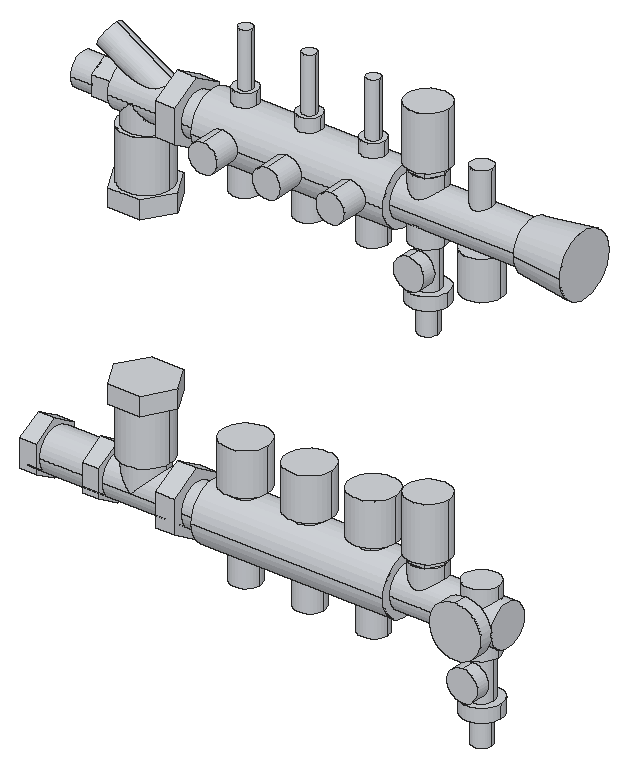
Revit family "318_1dab38ccfa9a4ba2b3cf6a35155c03", category Pipe Accessories, Revit 2017
Family settings
  Round Connector Dimension = Use Diameter
  Part Type = Valve - Normal
  Work Plane-Based = No
  Always vertical = Yes
  Cut with Voids When Loaded = No
  Shared = No
Parameters (values of type "R557FY003")
  magi_piping_qv_2_3 [instance] = 0.0 L/s
  magi_piping_qv_2_2 [instance] = 0.0 L/s
  magi_piping_qv_2_1 [instance] = 0.0 L/s
  magi_piping_qv_1_3 [instance] = 0.0 L/s
  magi_piping_qv_1_2 [instance] = 0.0 L/s
  magi_piping_qv_1_1 [instance] = 0.0 L/s
  magi_piping_qv [instance] = 0.0 L/s
  magi_piping_power_3 [instance] = 0 W
  magi_piping_power_2 [instance] = 0 W
  magi_piping_power_1 [instance] = 0 W
  magi_piping_kv_3 [instance] = 0
  magi_piping_kv_2 [instance] = 0
  magi_piping_kv_1 [instance] = 0
  magi_piping_dpTot_3 [instance] = 0.0 Pa
  magi_piping_dpTot_2 [instance] = 0.0 Pa
  magi_piping_dpTot_1 [instance] = 0.0 Pa
  magi_adjustmentValue_3 [instance] = ""
  magi_adjustmentValue_2 [instance] = ""
  magi_adjustmentValue_1 [instance] = ""
  magiProductId = "1dab38ccfa9a4ba2b3cf6a35155c03"
  magiProductFamilyId = "1dab38ccfa9a4ba2b3cf6a35155c03"
  magiProductCode = "R557FY003"
  magiPartTypeId = 318
  X1 = 127 mm
  VersionID = "2.0/2016.10.37.0/GIACOMINI_R557FY_001"
  VL2__ve = -VL2  # -137 mm
  VL2 = 137 mm
  VL1 = 102 mm
  URL = "http://www.giacomini.com/en"
  SMP = 25 mm
  SBP9 = 18 mm
  SBP8 = 18 mm
  SBP7 = 18 mm
  SBP6 = 18 mm
  SBP5 = 18 mm
  SBP4 = 18 mm
  SBP3 = 18 mm
  SBP2 = 18 mm
  SBP12 = 18 mm
  SBP11 = 18 mm
  SBP10 = 18 mm
  SBP1 = 18 mm
  RMP = 25 mm
  RBP9 = 18 mm
  RBP8 = 18 mm
  RBP7 = 18 mm
  RBP6 = 18 mm
  RBP5 = 18 mm
  RBP4 = 18 mm
  RBP3 = 18 mm
  RBP2 = 18 mm
  RBP12 = 18 mm
  RBP11 = 18 mm
  RBP10 = 18 mm
  RBP1 = 18 mm
  R2 = 22 mm
  QmdConnectorList = "321;SMP;322;SBP1;323;SBP2;324;SBP3;351;RMP;352;RBP1;353;RBP2;354;RBP3"
  Productdata [instance] = "© Progman Oy, all rights reserved"
  N9 = no
  N8 = no
  N7 = no
  N6 = no
  N5 = no
  N4 = no
  N3 = yes
  N12 = no
  N11 = no
  N10 = no
  Manufacturer = "Giacomini"
  MC_Default_elevation = 0 mm
  L = 150 mm
  I = 50 mm
  H5 = 33 mm
  H4 = 5 mm
  H3__ve = -H3  # -40 mm
  H3 = 40 mm
  H2__ve = -H2  # -20 mm
  H2 = 20 mm
  H12 = 42 mm
  H11 = 10 mm
  Flow supply main [instance] = Flow supply 1 + Flow supply 2 + Flow supply 3  # 0.0 L/s
  Flow supply 3 [instance] = 0.0 L/s
  Flow supply 2 [instance] = 0.0 L/s
  Flow supply 1 [instance] = 0.0 L/s
  Flow return main [instance] = Flow return 1 + Flow return 2 + Flow return 3  # 0.0 L/s
  Flow return 3 [instance] = 0.0 L/s
  Flow return 2 [instance] = 0.0 L/s
  Flow return 1 [instance] = 0.0 L/s
  E = 274 mm
  Description = "PREASSEMBLED MANIFOLD WITH FLOW METERS"
  D4 = 22 mm
  D32 = 10 mm
  D31 = 18 mm
  D2 = 44 mm
  CAT0 = yes
Reference planes
  plane 1 "Center (Front/Back)": y = 0
  plane 2 "XYPLANE": z = 0
  plane 3 "Center (Left/Right)": x = 0
  plane 4 "INIT_TEMP": y = 100
  plane 5 "386": y = -16
  plane 6 "385": z = -41
  plane 7 "384": z = -67
  plane 8 "383": z = -57
  plane 9 "382": y = -9
  plane 10 "381": z = -315
  plane 11 "380": z = -341
  plane 12 "379": z = -331
  plane 13 "378": z = -213
  plane 14 "377": z = -253
  plane 15 "376": z = -61
  plane 16 "375": z = -21
  plane 17 "374": x = 49
  plane 18 "373": x = 77
  plane 19 "372": x = 17
  plane 20 "371": x = 32
  plane 21 "370": x = -35
  plane 22 "369": x = 27
  plane 23 "368": x = 89
  plane 24 "367": x = -35
  plane 25 "366": x = 102
  plane 26 "365": z = -314
  plane 27 "364": z = -247
  plane 28 "363": z = -252
  plane 29 "362": z = -40
  plane 30 "361": x = 0
  plane 31 "360": y = 0
  plane 32 "359": z = -274
  plane 33 "358": z = 0
  plane 34 "357": z = 22
  plane 35 "356": x = 127
  plane 36 "355": x = 177
  plane 37 "354": y = -22
  plane 38 "353": x = 227
  plane 39 "352": z = 32
  plane 40 "351": x = 277
  plane 41 "350": x = 327
  plane 42 "349": x = 377
  plane 43 "348": x = 427
  plane 44 "347": x = 477
  plane 45 "346": x = 527
  plane 46 "345": x = 577
  plane 47 "344": x = 627
  plane 48 "343": x = 677
  plane 49 "342": x = 252
  plane 50 "341": x = 352
  plane 51 "340": x = 392
  plane 52 "339": x = 270
  plane 53 "338": z = -25
  plane 54 "337": z = 25
  plane 55 "336": z = 30
  plane 56 "335": z = -249
  plane 57 "334": z = -244
  plane 58 "333": z = -16
  plane 59 "332": x = 312
  plane 60 "331": z = -299
  plane 61 "1099": through (77, -750, 0) normal (0.866, 0, -0.5)
Forms (mm)
  Extrusion 1, solid
    sketch origin (750, -16, 0) x (-1, 0, 0) y (0, 0, 1)
      loop
        circle (438, -274) r 20
    from 0 to -10
  Extrusion 2, solid
    sketch origin (-750, 0, -67) x (1, 0, 0) y (0, 1, 0)
      loop
        circle (1020, 0) r 7.5
    from 0 to -22
  Extrusion 3, solid
    sketch origin (750, -9, 0) x (-1, 0, 0) y (0, 0, 1)
      loop
        circle (480, -41) r 12
    from 0 to -10
  Extrusion 4, solid
    sketch origin (750, -9, 0) x (-1, 0, 0) y (0, 0, 1)
      loop
        circle (438, -315) r 12
    from 0 to -10
  Extrusion 5, solid
    sketch origin (-750, 0, -341) x (1, 0, 0) y (0, 1, 0)
      loop
        circle (1062, 0) r 7.5
    from 0 to -22
  Extrusion 6, solid
    sketch origin (-750, 0, -57) x (1, 0, 0) y (0, 1, 0)
      loop
        circle (1020, 0) r 15
    from 0 to -10
  Extrusion 7, solid
    sketch origin (-750, 0, -331) x (1, 0, 0) y (0, 1, 0)
      loop
        circle (1062, 0) r 15
    from 0 to -10
  Extrusion 8, solid
    sketch origin (-750, 0, -299) x (1, 0, 0) y (0, 1, 0)
      loop
        circle (1062, 0) r 9
    from 0 to -32
  Extrusion 9, solid
    sketch origin (-750, 0, -253) x (1, 0, 0) y (0, 1, 0)
      loop
        circle (799, 0) r 19
    from 0 to 40
  Extrusion 10, solid
    sketch origin (-750, 0, -274) x (1, 0, 0) y (0, 1, 0)
      loop
        circle (799, 0) r 16
    from 0 to 21
  Extrusion 11, solid
    sketch origin (-750, 0, -213) x (1, 0, 0) y (0, 1, 0)
      loop
        line (824, 0) -> (811.5, 21.651) -> (786.5, 21.651) -> (774, 0) -> (786.5, -21.651) -> (811.5, -21.651) -> (824, 0)
    from 0 to 14
  Extrusion 12, solid
    sketch origin (-750, 0, -61) x (1, 0, 0) y (0, 1, 0)
      loop
        line (774, 0) -> (786.5, -21.651) -> (811.5, -21.651) -> (824, 0) -> (811.5, 21.651) -> (786.5, 21.651) -> (774, 0)
    from 0 to -14
  Extrusion 13, solid
    sketch origin (-750, 0, 0) x (1, 0, 0) y (0, 1, 0)
      loop
        circle (799, 0) r 16
    from 0 to -21
  Extrusion 14, solid
    sketch origin (-750, 0, -21) x (1, 0, 0) y (0, 1, 0)
      loop
        circle (799, 0) r 19
    from 0 to -40
  Extrusion 15, solid
    sketch origin (77, -750, 0) x (0, 1, 0) y (0.5, 0, 0.866025)
      loop
        circle (750, 0) r 10.5
    from 0 to -65
  Extrusion 16, solid, visible <- "CAT0"
    sketch origin (17, -750, 0) x (0, 1, 0) y (0, 0, 1)
      loop
        circle (750, 0) r 12.5
    from 0 to -17
  Extrusion 17, solid
    sketch origin (32, -750, 0) x (0, 1, 0) y (0, 0, 1)
      loop
        line (750, 15) -> (737.01, 7.5) -> (737.01, -7.5) -> (750, -15) -> (762.99, -7.5) -> (762.99, 7.5) -> (750, 15)
    from 0 to -15
  Extrusion 18, solid
    sketch origin (-35, -750, 0) x (0, 1, 0) y (0, 0, 1)
      loop
        line (750, -253) -> (731.813, -263.5) -> (731.813, -284.5) -> (750, -295) -> (768.187, -284.5) -> (768.187, -263.5) -> (750, -253)
    from 0 to 13
  Extrusion 19, solid
    sketch origin (27, -750, 0) x (0, 1, 0) y (0, 0, 1)
      loop
        line (750, -253) -> (731.813, -263.5) -> (731.813, -284.5) -> (750, -295) -> (768.187, -284.5) -> (768.187, -263.5) -> (750, -253)
    from 0 to -13
  Extrusion 20, solid
    sketch origin (102, -750, 0) x (0, 1, 0) y (0, 0, 1)
      loop
        circle (750, 0) r 16
    from 0 to -70
  Extrusion 21, solid
    sketch origin (89, -750, 0) x (0, 1, 0) y (0, 0, 1)
      loop
        line (750, 25) -> (728.349, 12.5) -> (728.349, -12.5) -> (750, -25) -> (771.651, -12.5) -> (771.651, 12.5) -> (750, 25)
    from 0 to -15
  Extrusion 22, solid
    sketch origin (89, -750, 0) x (0, 1, 0) y (0, 0, 1)
      loop
        line (750, -249) -> (728.349, -261.5) -> (728.349, -286.5) -> (750, -299) -> (771.651, -286.5) -> (771.651, -261.5) -> (750, -249)
    from 0 to -15
  Extrusion 23, solid
    sketch origin (102, -750, 0) x (0, 1, 0) y (0, 0, 1)
      loop
        circle (750, -274) r 16
    from 0 to -137 <- "VL2__ve"
  Extrusion 24, solid, visible <- "N10"
    sketch origin (-750, 0, -274) x (1, 0, 0) y (0, 1, 0)
      loop
        circle (1327, 0) r 11
    from 0 to -40 <- "H3__ve"
  Extrusion 25, solid, visible <- "N10"
    sketch origin (-750, 0, -252) x (1, 0, 0) y (0, 1, 0)
      loop
        circle (1327, 0) r 11
    from 0 to 5 <- "H4"
  Extrusion 26, solid, visible <- "N10"
    sketch origin (-750, 0, -247) x (1, 0, 0) y (0, 1, 0)
      loop
        circle (1327, 0) r 17.5
    from 0 to 33 <- "H5"
  Extrusion 27, solid, visible <- "N12"
    sketch origin (-750, 0, -247) x (1, 0, 0) y (0, 1, 0)
      loop
        circle (1427, 0) r 17.5
    from 0 to 33 <- "H5"
  Extrusion 28, solid, visible <- "N12"
    sketch origin (-750, 0, -252) x (1, 0, 0) y (0, 1, 0)
      loop
        circle (1427, 0) r 11
    from 0 to 5 <- "H4"
  Extrusion 29, solid, visible <- "N12"
    sketch origin (-750, 0, -274) x (1, 0, 0) y (0, 1, 0)
      loop
        circle (1427, 0) r 11
    from 0 to -40 <- "H3__ve"
  Extrusion 30, solid, visible <- "N11"
    sketch origin (-750, 0, -274) x (1, 0, 0) y (0, 1, 0)
      loop
        circle (1377, 0) r 11
    from 0 to -40 <- "H3__ve"
  Extrusion 31, solid, visible <- "N11"
    sketch origin (-750, 0, -252) x (1, 0, 0) y (0, 1, 0)
      loop
        circle (1377, 0) r 11
    from 0 to 5 <- "H4"
  Extrusion 32, solid, visible <- "N11"
    sketch origin (-750, 0, -247) x (1, 0, 0) y (0, 1, 0)
      loop
        circle (1377, 0) r 17.5
    from 0 to 33 <- "H5"
  Extrusion 33, solid, visible <- "N8"
    sketch origin (-750, 0, -247) x (1, 0, 0) y (0, 1, 0)
      loop
        circle (1227, 0) r 17.5
    from 0 to 33 <- "H5"
  Extrusion 34, solid, visible <- "N8"
    sketch origin (-750, 0, -252) x (1, 0, 0) y (0, 1, 0)
      loop
        circle (1227, 0) r 11
    from 0 to 5 <- "H4"
  Extrusion 35, solid, visible <- "N8"
    sketch origin (-750, 0, -274) x (1, 0, 0) y (0, 1, 0)
      loop
        circle (1227, 0) r 11
    from 0 to -40 <- "H3__ve"
  Extrusion 36, solid, visible <- "N9"
    sketch origin (-750, 0, -274) x (1, 0, 0) y (0, 1, 0)
      loop
        circle (1277, 0) r 11
    from 0 to -40 <- "H3__ve"
  Extrusion 37, solid, visible <- "N9"
    sketch origin (-750, 0, -252) x (1, 0, 0) y (0, 1, 0)
      loop
        circle (1277, 0) r 11
    from 0 to 5 <- "H4"
  Extrusion 38, solid, visible <- "N9"
    sketch origin (-750, 0, -247) x (1, 0, 0) y (0, 1, 0)
      loop
        circle (1277, 0) r 17.5
    from 0 to 33 <- "H5"
  Extrusion 39, solid, visible <- "N7"
    sketch origin (-750, 0, -247) x (1, 0, 0) y (0, 1, 0)
      loop
        circle (1177, 0) r 17.5
    from 0 to 33 <- "H5"
  Extrusion 40, solid, visible <- "N7"
    sketch origin (-750, 0, -252) x (1, 0, 0) y (0, 1, 0)
      loop
        circle (1177, 0) r 11
    from 0 to 5 <- "H4"
  Extrusion 41, solid, visible <- "N7"
    sketch origin (-750, 0, -274) x (1, 0, 0) y (0, 1, 0)
      loop
        circle (1177, 0) r 11
    from 0 to -40 <- "H3__ve"
  Extrusion 42, solid, visible <- "N6"
    sketch origin (-750, 0, -274) x (1, 0, 0) y (0, 1, 0)
      loop
        circle (1127, 0) r 11
    from 0 to -40 <- "H3__ve"
  Extrusion 43, solid, visible <- "N6"
    sketch origin (-750, 0, -252) x (1, 0, 0) y (0, 1, 0)
      loop
        circle (1127, 0) r 11
    from 0 to 5 <- "H4"
  Extrusion 44, solid, visible <- "N6"
    sketch origin (-750, 0, -247) x (1, 0, 0) y (0, 1, 0)
      loop
        circle (1127, 0) r 17.5
    from 0 to 33 <- "H5"
  Extrusion 45, solid, visible <- "N5"
    sketch origin (-750, 0, -247) x (1, 0, 0) y (0, 1, 0)
      loop
        circle (1077, 0) r 17.5
    from 0 to 33 <- "H5"
  Extrusion 46, solid, visible <- "N5"
    sketch origin (-750, 0, -252) x (1, 0, 0) y (0, 1, 0)
      loop
        circle (1077, 0) r 11
    from 0 to 5 <- "H4"
  Extrusion 47, solid, visible <- "N5"
    sketch origin (-750, 0, -274) x (1, 0, 0) y (0, 1, 0)
      loop
        circle (1077, 0) r 11
    from 0 to -40 <- "H3__ve"
  Extrusion 48, solid, visible <- "N4"
    sketch origin (-750, 0, -274) x (1, 0, 0) y (0, 1, 0)
      loop
        circle (1027, 0) r 11
    from 0 to -40 <- "H3__ve"
  Extrusion 49, solid, visible <- "N4"
    sketch origin (-750, 0, -252) x (1, 0, 0) y (0, 1, 0)
      loop
        circle (1027, 0) r 11
    from 0 to 5 <- "H4"
  Extrusion 50, solid, visible <- "N4"
    sketch origin (-750, 0, -247) x (1, 0, 0) y (0, 1, 0)
      loop
        circle (1027, 0) r 17.5
    from 0 to 33 <- "H5"
  Extrusion 51, solid, visible <- "N3"
    sketch origin (-750, 0, -247) x (1, 0, 0) y (0, 1, 0)
      loop
        circle (977, 0) r 17.5
    from 0 to 33 <- "H5"
  Extrusion 52, solid, visible <- "N3"
    sketch origin (-750, 0, -252) x (1, 0, 0) y (0, 1, 0)
      loop
        circle (977, 0) r 11
    from 0 to 5 <- "H4"
  Extrusion 53, solid
    sketch origin (-750, 0, -252) x (1, 0, 0) y (0, 1, 0)
      loop
        circle (927, 0) r 11
    from 0 to 5 <- "H4"
  Extrusion 54, solid
    sketch origin (-750, 0, -247) x (1, 0, 0) y (0, 1, 0)
      loop
        circle (927, 0) r 17.5
    from 0 to 33 <- "H5"
  Extrusion 55, solid
    sketch origin (-750, 0, -247) x (1, 0, 0) y (0, 1, 0)
      loop
        circle (877, 0) r 17.5
    from 0 to 33 <- "H5"
  Extrusion 56, solid
    sketch origin (-750, 0, -252) x (1, 0, 0) y (0, 1, 0)
      loop
        circle (877, 0) r 11
    from 0 to 5 <- "H4"
  Extrusion 57, solid, visible <- "N3"
    sketch origin (-750, 0, -274) x (1, 0, 0) y (0, 1, 0)
      loop
        circle (977, 0) r 11
    from 0 to -40 <- "H3__ve"
  Extrusion 58, solid
    sketch origin (-750, 0, -274) x (1, 0, 0) y (0, 1, 0)
      loop
        circle (877, 0) r 11
    from 0 to -40 <- "H3__ve"
  Extrusion 59, solid
    sketch origin (-750, 0, -274) x (1, 0, 0) y (0, 1, 0)
      loop
        circle (927, 0) r 11
    from 0 to -40 <- "H3__ve"
  Extrusion 60, solid
    sketch origin (102, -750, 0) x (0, 1, 0) y (0, 0, 1)
      loop
        circle (750, -274) r 22
    from 0 to 150 <- "L"
  Extrusion 61, solid, visible <- "N8"
    sketch origin (-750, 0, 0) x (1, 0, 0) y (0, 1, 0)
      loop
        circle (1227, 0) r 11
    from 0 to -40 <- "H3__ve"
  Extrusion 62, solid, visible <- "N9"
    sketch origin (-750, 0, 0) x (1, 0, 0) y (0, 1, 0)
      loop
        circle (1277, 0) r 11
    from 0 to -40 <- "H3__ve"
  Extrusion 63, solid, visible <- "N10"
    sketch origin (-750, 0, 0) x (1, 0, 0) y (0, 1, 0)
      loop
        circle (1327, 0) r 11
    from 0 to -40 <- "H3__ve"
  Extrusion 64, solid, visible <- "N11"
    sketch origin (-750, 0, 0) x (1, 0, 0) y (0, 1, 0)
      loop
        circle (1377, 0) r 11
    from 0 to -40 <- "H3__ve"
  Extrusion 65, solid, visible <- "N12"
    sketch origin (-750, 0, 0) x (1, 0, 0) y (0, 1, 0)
      loop
        circle (1427, 0) r 11
    from 0 to -40 <- "H3__ve"
  Extrusion 66, solid, visible <- "N7"
    sketch origin (-750, 0, 0) x (1, 0, 0) y (0, 1, 0)
      loop
        circle (1177, 0) r 11
    from 0 to -40 <- "H3__ve"
  Extrusion 67, solid, visible <- "N6"
    sketch origin (-750, 0, 0) x (1, 0, 0) y (0, 1, 0)
      loop
        circle (1127, 0) r 11
    from 0 to -40 <- "H3__ve"
  Extrusion 68, solid, visible <- "N5"
    sketch origin (-750, 0, 0) x (1, 0, 0) y (0, 1, 0)
      loop
        circle (1077, 0) r 11
    from 0 to -40 <- "H3__ve"
  Extrusion 69, solid, visible <- "N4"
    sketch origin (-750, 0, 0) x (1, 0, 0) y (0, 1, 0)
      loop
        circle (1027, 0) r 11
    from 0 to -40 <- "H3__ve"
  Extrusion 70, solid, visible <- "N3"
    sketch origin (-750, 0, 0) x (1, 0, 0) y (0, 1, 0)
      loop
        circle (977, 0) r 11
    from 0 to -40 <- "H3__ve"
  Extrusion 71, solid
    sketch origin (-750, 0, 0) x (1, 0, 0) y (0, 1, 0)
      loop
        circle (927, 0) r 11
    from 0 to -40 <- "H3__ve"
  Extrusion 72, solid
    sketch origin (-750, 0, 0) x (1, 0, 0) y (0, 1, 0)
      loop
        circle (877, 0) r 11
    from 0 to -40 <- "H3__ve"
  Extrusion 73, solid
    sketch origin (102, -750, 0) x (0, 1, 0) y (0, 0, 1)
      loop
        circle (750, 0) r 22
    from 0 to 150 <- "L"
  Extrusion 74, solid
    sketch origin (-750, 0, 22) x (1, 0, 0) y (0, 1, 0)
      loop
        circle (877, 0) r 9
    from 0 to 10 <- "H11"
  Extrusion 75, solid
    sketch origin (750, -22, 0) x (-1, 0, 0) y (0, 0, 1)
      loop
        circle (623, 0) r 11
    from 0 to -20 <- "H2__ve"
  Extrusion 76, solid
    sketch origin (750, -22, 0) x (-1, 0, 0) y (0, 0, 1)
      loop
        circle (573, 0) r 11
    from 0 to -20 <- "H2__ve"
  Extrusion 77, solid, visible <- "N3"
    sketch origin (750, -22, 0) x (-1, 0, 0) y (0, 0, 1)
      loop
        circle (523, 0) r 11
    from 0 to -20 <- "H2__ve"
  Extrusion 78, solid
    sketch origin (-750, 0, 32) x (1, 0, 0) y (0, 1, 0)
      loop
        circle (877, 0) r 5
    from 0 to 42 <- "H12"
  Extrusion 79, solid
    sketch origin (-750, 0, 32) x (1, 0, 0) y (0, 1, 0)
      loop
        circle (927, 0) r 5
    from 0 to 42 <- "H12"
  Extrusion 80, solid
    sketch origin (-750, 0, 22) x (1, 0, 0) y (0, 1, 0)
      loop
        circle (927, 0) r 9
    from 0 to 10 <- "H11"
  Extrusion 81, solid, visible <- "N3"
    sketch origin (-750, 0, 22) x (1, 0, 0) y (0, 1, 0)
      loop
        circle (977, 0) r 9
    from 0 to 10 <- "H11"
  Extrusion 82, solid, visible <- "N3"
    sketch origin (-750, 0, 32) x (1, 0, 0) y (0, 1, 0)
      loop
        circle (977, 0) r 5
    from 0 to 42 <- "H12"
  Extrusion 83, solid, visible <- "N4"
    sketch origin (-750, 0, 32) x (1, 0, 0) y (0, 1, 0)
      loop
        circle (1027, 0) r 5
    from 0 to 42 <- "H12"
  Extrusion 84, solid, visible <- "N4"
    sketch origin (-750, 0, 22) x (1, 0, 0) y (0, 1, 0)
      loop
        circle (1027, 0) r 9
    from 0 to 10 <- "H11"
  Extrusion 85, solid, visible <- "N4"
    sketch origin (750, -22, 0) x (-1, 0, 0) y (0, 0, 1)
      loop
        circle (473, 0) r 11
    from 0 to -20 <- "H2__ve"
  Extrusion 86, solid, visible <- "N5"
    sketch origin (750, -22, 0) x (-1, 0, 0) y (0, 0, 1)
      loop
        circle (423, 0) r 11
    from 0 to -20 <- "H2__ve"
  Extrusion 87, solid, visible <- "N5"
    sketch origin (-750, 0, 22) x (1, 0, 0) y (0, 1, 0)
      loop
        circle (1077, 0) r 9
    from 0 to 10 <- "H11"
  Extrusion 88, solid, visible <- "N5"
    sketch origin (-750, 0, 32) x (1, 0, 0) y (0, 1, 0)
      loop
        circle (1077, 0) r 5
    from 0 to 42 <- "H12"
  Extrusion 89, solid, visible <- "N6"
    sketch origin (-750, 0, 32) x (1, 0, 0) y (0, 1, 0)
      loop
        circle (1127, 0) r 5
    from 0 to 42 <- "H12"
  Extrusion 90, solid, visible <- "N6"
    sketch origin (-750, 0, 22) x (1, 0, 0) y (0, 1, 0)
      loop
        circle (1127, 0) r 9
    from 0 to 10 <- "H11"
  Extrusion 91, solid, visible <- "N6"
    sketch origin (750, -22, 0) x (-1, 0, 0) y (0, 0, 1)
      loop
        circle (373, 0) r 11
    from 0 to -20 <- "H2__ve"
  Extrusion 92, solid, visible <- "N7"
    sketch origin (750, -22, 0) x (-1, 0, 0) y (0, 0, 1)
      loop
        circle (323, 0) r 11
    from 0 to -20 <- "H2__ve"
  Extrusion 93, solid, visible <- "N7"
    sketch origin (-750, 0, 22) x (1, 0, 0) y (0, 1, 0)
      loop
        circle (1177, 0) r 9
    from 0 to 10 <- "H11"
  Extrusion 94, solid, visible <- "N7"
    sketch origin (-750, 0, 32) x (1, 0, 0) y (0, 1, 0)
      loop
        circle (1177, 0) r 5
    from 0 to 42 <- "H12"
  Extrusion 95, solid, visible <- "N8"
    sketch origin (-750, 0, 32) x (1, 0, 0) y (0, 1, 0)
      loop
        circle (1227, 0) r 5
    from 0 to 42 <- "H12"
  Extrusion 96, solid, visible <- "N8"
    sketch origin (-750, 0, 22) x (1, 0, 0) y (0, 1, 0)
      loop
        circle (1227, 0) r 9
    from 0 to 10 <- "H11"
  Extrusion 97, solid, visible <- "N8"
    sketch origin (750, -22, 0) x (-1, 0, 0) y (0, 0, 1)
      loop
        circle (273, 0) r 11
    from 0 to -20 <- "H2__ve"
  Extrusion 98, solid, visible <- "N10"
    sketch origin (750, -22, 0) x (-1, 0, 0) y (0, 0, 1)
      loop
        circle (173, 0) r 11
    from 0 to -20 <- "H2__ve"
  Extrusion 99, solid, visible <- "N10"
    sketch origin (-750, 0, 22) x (1, 0, 0) y (0, 1, 0)
      loop
        circle (1327, 0) r 9
    from 0 to 10 <- "H11"
  Extrusion 100, solid, visible <- "N10"
    sketch origin (-750, 0, 32) x (1, 0, 0) y (0, 1, 0)
      loop
        circle (1327, 0) r 5
    from 0 to 42 <- "H12"
  Extrusion 101, solid, visible <- "N9"
    sketch origin (-750, 0, 32) x (1, 0, 0) y (0, 1, 0)
      loop
        circle (1277, 0) r 5
    from 0 to 42 <- "H12"
  Extrusion 102, solid, visible <- "N9"
    sketch origin (-750, 0, 22) x (1, 0, 0) y (0, 1, 0)
      loop
        circle (1277, 0) r 9
    from 0 to 10 <- "H11"
  Extrusion 103, solid, visible <- "N9"
    sketch origin (750, -22, 0) x (-1, 0, 0) y (0, 0, 1)
      loop
        circle (223, 0) r 11
    from 0 to -20 <- "H2__ve"
  Extrusion 104, solid, visible <- "N11"
    sketch origin (-750, 0, 32) x (1, 0, 0) y (0, 1, 0)
      loop
        circle (1377, 0) r 5
    from 0 to 42 <- "H12"
  Extrusion 105, solid, visible <- "N11"
    sketch origin (-750, 0, 22) x (1, 0, 0) y (0, 1, 0)
      loop
        circle (1377, 0) r 9
    from 0 to 10 <- "H11"
  Extrusion 106, solid, visible <- "N11"
    sketch origin (750, -22, 0) x (-1, 0, 0) y (0, 0, 1)
      loop
        circle (123, 0) r 11
    from 0 to -20 <- "H2__ve"
  Extrusion 107, solid, visible <- "N12"
    sketch origin (750, -22, 0) x (-1, 0, 0) y (0, 0, 1)
      loop
        circle (73, 0) r 11
    from 0 to -20 <- "H2__ve"
  Extrusion 108, solid, visible <- "N12"
    sketch origin (-750, 0, 22) x (1, 0, 0) y (0, 1, 0)
      loop
        circle (1427, 0) r 9
    from 0 to 10 <- "H11"
  Extrusion 109, solid, visible <- "N12"
    sketch origin (-750, 0, 32) x (1, 0, 0) y (0, 1, 0)
      loop
        circle (1427, 0) r 5
    from 0 to 42 <- "H12"
  Extrusion 110, solid
    sketch origin (252, -750, 0) x (0, 1, 0) y (0, 0, 1)
      loop
        circle (750, 0) r 16
    from 0 to 100
  Blend 111, solid
    base sketch origin (352, -750, 0) x (0, 1, 0) y (0, 0, 1)
      loop
        circle (750, 0) r 19
    top sketch origin (352, -750, 0) x (0, 1, 0) y (0, 0, 1)
      loop
        circle (750, 0) r 24
    from 0 to 40
  Extrusion 112, solid
    sketch origin (-750, 0, -25) x (1, 0, 0) y (0, 1, 0)
      loop
        circle (1020, 0) r 13
    from 0 to 50
  Extrusion 113, solid
    sketch origin (-750, 0, 25) x (1, 0, 0) y (0, 1, 0)
      loop
        line (1033, 0) -> (1026.5, 11.258) -> (1013.5, 11.258) -> (1007, 0) -> (1013.5, -11.258) -> (1026.5, -11.258) -> (1033, 0)
    from 0 to 5
  Extrusion 114, solid
    sketch origin (-750, 0, 30) x (1, 0, 0) y (0, 1, 0)
      loop
        circle (1020, 0) r 16
    from 0 to 42
  Extrusion 115, solid
    sketch origin (252, -750, 0) x (0, 1, 0) y (0, 0, 1)
      loop
        circle (750, -274) r 16
    from 0 to 80
  Extrusion 116, solid
    sketch origin (-750, 0, -274) x (1, 0, 0) y (0, 1, 0)
      loop
        circle (1020, 0) r 13
    from 0 to 25
  Extrusion 117, solid
    sketch origin (-750, 0, -244) x (1, 0, 0) y (0, 1, 0)
      loop
        circle (1020, 0) r 16
    from 0 to 42
  Extrusion 118, solid
    sketch origin (-750, 0, -249) x (1, 0, 0) y (0, 1, 0)
      loop
        line (1033, 0) -> (1026.5, 11.258) -> (1013.5, 11.258) -> (1007, 0) -> (1013.5, -11.258) -> (1026.5, -11.258) -> (1033, 0)
    from 0 to 5
  Extrusion 119, solid, visible <- "CAT0"
    sketch origin (-750, 0, -16) x (1, 0, 0) y (0, 1, 0)
      loop
        circle (1062, 0) r 15
    from 0 to -30
  Extrusion 120, solid, visible <- "CAT0"
    sketch origin (-750, 0, 0) x (1, 0, 0) y (0, 1, 0)
      loop
        circle (1062, 0) r 8
    from 0 to 42
  Extrusion 121, solid
    sketch origin (-750, 0, -25) x (1, 0, 0) y (0, 1, 0)
      loop
        circle (1020, 0) r 9
    from 0 to -32
  Extrusion 122, solid
    sketch origin (-750, 0, -299) x (1, 0, 0) y (0, 1, 0)
      loop
        circle (1062, 0) r 13
    from 0 to 50
  Extrusion 123, solid, not visible
    sketch origin (-750, 0, -314) x (1, 0, 0) y (0, 1, 0)
      loop
        circle (927, 0) r 10
    from 0 to 10
  Extrusion 124, solid, not visible
    sketch origin (-750, 0, -314) x (1, 0, 0) y (0, 1, 0)
      loop
        circle (877, 0) r 10
    from 0 to 10
  Extrusion 125, solid, not visible
    sketch origin (-750, 0, -314) x (1, 0, 0) y (0, 1, 0)
      loop
        circle (977, 0) r 10
    from 0 to 10
  Extrusion 126, solid, not visible
    sketch origin (-750, 0, -40) x (1, 0, 0) y (0, 1, 0)
      loop
        circle (977, 0) r 10
    from 0 to 10
  Extrusion 127, solid, not visible
    sketch origin (0, -750, 0) x (0, 1, 0) y (0, 0, 1)
      loop
        circle (750, 0) r 10
    from 0 to 10
  Extrusion 128, solid, not visible
    sketch origin (-35, -750, 0) x (0, 1, 0) y (0, 0, 1)
      loop
        circle (750, -274) r 10
    from 0 to 10
  Extrusion 129, solid, not visible
    sketch origin (-750, 0, -40) x (1, 0, 0) y (0, 1, 0)
      loop
        circle (877, 0) r 10
    from 0 to 10
  Extrusion 130, solid, not visible
    sketch origin (-750, 0, -40) x (1, 0, 0) y (0, 1, 0)
      loop
        circle (927, 0) r 10
    from 0 to 10
Text (mm)
  text "© Progman Oy, all rights reserved" at (-472.209, -2482.653, 0), in view "Ref. Level"
Dimensions and locks
  plane 4 "INIT_TEMP" to plane 1 "Center (Front/Back)" = 100 mm
  locked: plane 1 "Center (Front/Back)" to plane 5 "386" at 16
  locked: plane 53 "338" to plane 6 "385" at 16
  locked: plane 8 "383" to plane 7 "384" at 10
  locked: plane 53 "338" to plane 8 "383" at 32
  locked: plane 1 "Center (Front/Back)" to plane 9 "382" at 9
  locked: plane 60 "331" to plane 10 "381" at 16
  locked: plane 12 "379" to plane 11 "380" at 10
  locked: plane 60 "331" to plane 12 "379" at 32
  locked: plane 14 "377" to plane 13 "378" at 40
  locked: plane 32 "359" to plane 14 "377" at 21
  locked: plane 16 "375" to plane 15 "376" at 40
  locked: plane 2 "XYPLANE" to plane 16 "375" at 21
  locked: plane 25 "366" to plane 17 "374" at 53
  locked: plane 25 "366" to plane 18 "373" at 25
  locked: plane 20 "371" to plane 19 "372" at 15
  locked: plane 25 "366" to plane 20 "371" at 70
  "VL2": plane 25 "366" to plane 21 "370"
  locked: plane 23 "368" to plane 22 "369" at 62
  locked: plane 25 "366" to plane 23 "368" at 13
  "VL2": plane 25 "366" to plane 24 "367"
  "VL1": plane 3 "Center (Left/Right)" to plane 25 "366"
  "H3": plane 32 "359" to plane 26 "365"
  "H4": plane 28 "363" to plane 27 "364"
  "R2": plane 32 "359" to plane 28 "363"
  "H3": plane 2 "XYPLANE" to plane 29 "362"
  locked: plane 3 "Center (Left/Right)" to plane 30 "361"
  locked: plane 1 "Center (Front/Back)" to plane 31 "360"
  "E": plane 2 "XYPLANE" to plane 32 "359"
  locked: plane 2 "XYPLANE" to plane 33 "358"
  "R2": plane 2 "XYPLANE" to plane 34 "357"
  "X1": plane 3 "Center (Left/Right)" to plane 35 "356"
  "I": plane 35 "356" to plane 36 "355"
  "R2": plane 1 "Center (Front/Back)" to plane 37 "354"
  "I": plane 36 "355" to plane 38 "353"
  "H11": plane 34 "357" to plane 39 "352"
  "I": plane 38 "353" to plane 40 "351"
  "I": plane 40 "351" to plane 41 "350"
  "I": plane 41 "350" to plane 42 "349"
  "I": plane 42 "349" to plane 43 "348"
  "I": plane 43 "348" to plane 44 "347"
  "I": plane 44 "347" to plane 45 "346"
  "I": plane 45 "346" to plane 46 "345"
  "I": plane 46 "345" to plane 47 "344"
  "I": plane 47 "344" to plane 48 "343"
  "L": plane 25 "366" to plane 49 "342"
  locked: plane 49 "342" to plane 50 "341" at 100
  locked: plane 50 "341" to plane 51 "340" at 40
  locked: plane 49 "342" to plane 52 "339" at 18
  locked: plane 2 "XYPLANE" to plane 53 "338" at 25
  locked: plane 53 "338" to plane 54 "337" at 50
  locked: plane 54 "337" to plane 55 "336" at 5
  locked: plane 32 "359" to plane 56 "335" at 25
  locked: plane 56 "335" to plane 57 "334" at 5
  locked: plane 2 "XYPLANE" to plane 58 "333" at 16
  locked: plane 49 "342" to plane 59 "332" at 60
  locked: plane 32 "359" to plane 60 "331" at 25
  "D4": diameter of Extrusion 24 sketch curve
  "D4": diameter of Extrusion 25 sketch curve
  diameter of Extrusion 26 sketch curve = 35 mm
  diameter of Extrusion 27 sketch curve = 35 mm
  "D4": diameter of Extrusion 28 sketch curve
  "D4": diameter of Extrusion 29 sketch curve
  "D4": diameter of Extrusion 30 sketch curve
  "D4": diameter of Extrusion 31 sketch curve
  diameter of Extrusion 32 sketch curve = 35 mm
  diameter of Extrusion 33 sketch curve = 35 mm
  "D4": diameter of Extrusion 34 sketch curve
  "D4": diameter of Extrusion 35 sketch curve
  "D4": diameter of Extrusion 36 sketch curve
  "D4": diameter of Extrusion 37 sketch curve
  diameter of Extrusion 38 sketch curve = 35 mm
  diameter of Extrusion 39 sketch curve = 35 mm
  "D4": diameter of Extrusion 40 sketch curve
  "D4": diameter of Extrusion 41 sketch curve
  "D4": diameter of Extrusion 42 sketch curve
  "D4": diameter of Extrusion 43 sketch curve
  diameter of Extrusion 44 sketch curve = 35 mm
  diameter of Extrusion 45 sketch curve = 35 mm
  "D4": diameter of Extrusion 46 sketch curve
  "D4": diameter of Extrusion 47 sketch curve
  "D4": diameter of Extrusion 48 sketch curve
  "D4": diameter of Extrusion 49 sketch curve
  diameter of Extrusion 50 sketch curve = 35 mm
  diameter of Extrusion 51 sketch curve = 35 mm
  "D4": diameter of Extrusion 52 sketch curve
  "D4": diameter of Extrusion 53 sketch curve
  diameter of Extrusion 54 sketch curve = 35 mm
  diameter of Extrusion 55 sketch curve = 35 mm
  "D4": diameter of Extrusion 56 sketch curve
  "D4": diameter of Extrusion 57 sketch curve
  "D4": diameter of Extrusion 58 sketch curve
  "D4": diameter of Extrusion 59 sketch curve
  "D2": diameter of Extrusion 60 sketch curve
  "D4": diameter of Extrusion 61 sketch curve
  "D4": diameter of Extrusion 62 sketch curve
  "D4": diameter of Extrusion 63 sketch curve
  "D4": diameter of Extrusion 64 sketch curve
  "D4": diameter of Extrusion 65 sketch curve
  "D4": diameter of Extrusion 66 sketch curve
  "D4": diameter of Extrusion 67 sketch curve
  "D4": diameter of Extrusion 68 sketch curve
  "D4": diameter of Extrusion 69 sketch curve
  "D4": diameter of Extrusion 70 sketch curve
  "D4": diameter of Extrusion 71 sketch curve
  "D4": diameter of Extrusion 72 sketch curve
  "D2": diameter of Extrusion 73 sketch curve
  "D31": diameter of Extrusion 74 sketch curve
  "D4": diameter of Extrusion 75 sketch curve
  "D4": diameter of Extrusion 76 sketch curve
  "D4": diameter of Extrusion 77 sketch curve
  "D32": diameter of Extrusion 78 sketch curve
  "D32": diameter of Extrusion 79 sketch curve
  "D31": diameter of Extrusion 80 sketch curve
  "D31": diameter of Extrusion 81 sketch curve
  "D32": diameter of Extrusion 82 sketch curve
  "D32": diameter of Extrusion 83 sketch curve
  "D31": diameter of Extrusion 84 sketch curve
  "D4": diameter of Extrusion 85 sketch curve
  "D4": diameter of Extrusion 86 sketch curve
  "D31": diameter of Extrusion 87 sketch curve
  "D32": diameter of Extrusion 88 sketch curve
  "D32": diameter of Extrusion 89 sketch curve
  "D31": diameter of Extrusion 90 sketch curve
  "D4": diameter of Extrusion 91 sketch curve
  "D4": diameter of Extrusion 92 sketch curve
  "D31": diameter of Extrusion 93 sketch curve
  "D32": diameter of Extrusion 94 sketch curve
  "D32": diameter of Extrusion 95 sketch curve
  "D31": diameter of Extrusion 96 sketch curve
  "D4": diameter of Extrusion 97 sketch curve
  "D4": diameter of Extrusion 98 sketch curve
  "D31": diameter of Extrusion 99 sketch curve
  "D32": diameter of Extrusion 100 sketch curve
  "D32": diameter of Extrusion 101 sketch curve
  "D31": diameter of Extrusion 102 sketch curve
  "D4": diameter of Extrusion 103 sketch curve
  "D32": diameter of Extrusion 104 sketch curve
  "D31": diameter of Extrusion 105 sketch curve
  "D4": diameter of Extrusion 106 sketch curve
  "D4": diameter of Extrusion 107 sketch curve
  "D31": diameter of Extrusion 108 sketch curve
  "D32": diameter of Extrusion 109 sketch curve
  aligned and locked: level to plane 2 "XYPLANE"
  aligned and locked: plane 32 "359" to Extrusion 1 sketch curve
  aligned and locked: plane 59 "332" to Extrusion 1 sketch curve
  aligned and locked: plane 31 "360" to Extrusion 2 sketch curve
  aligned and locked: plane 52 "339" to Extrusion 2 sketch curve
  aligned and locked: plane 6 "385" to Extrusion 3 sketch curve
  aligned and locked: plane 52 "339" to Extrusion 3 sketch curve
  aligned and locked: plane 10 "381" to Extrusion 4 sketch curve
  aligned and locked: plane 59 "332" to Extrusion 4 sketch curve
  aligned and locked: plane 31 "360" to Extrusion 5 sketch curve
  aligned and locked: plane 59 "332" to Extrusion 5 sketch curve
  aligned and locked: plane 31 "360" to Extrusion 6 sketch curve
  aligned and locked: plane 52 "339" to Extrusion 6 sketch curve
  aligned and locked: plane 31 "360" to Extrusion 7 sketch curve
  aligned and locked: plane 59 "332" to Extrusion 7 sketch curve
  aligned and locked: plane 31 "360" to Extrusion 8 sketch curve
  aligned and locked: plane 59 "332" to Extrusion 8 sketch curve
  aligned and locked: plane 17 "374" to Extrusion 9 sketch curve
  aligned and locked: plane 31 "360" to Extrusion 9 sketch curve
  aligned and locked: plane 17 "374" to Extrusion 10 sketch curve
  aligned and locked: plane 31 "360" to Extrusion 10 sketch curve
  aligned and locked: plane 17 "374" to Extrusion 13 sketch curve
  aligned and locked: plane 31 "360" to Extrusion 13 sketch curve
  aligned and locked: plane 17 "374" to Extrusion 14 sketch curve
  aligned and locked: plane 31 "360" to Extrusion 14 sketch curve
  aligned and locked: plane 31 "360" to Extrusion 15 sketch curve
  aligned and locked: Extrusion 16 sketch curve to plane 31 "360"
  aligned and locked: plane 33 "358" to Extrusion 16 sketch curve
  aligned and locked: Extrusion 20 sketch curve to plane 31 "360"
  aligned and locked: plane 33 "358" to Extrusion 20 sketch curve
  aligned and locked: Extrusion 23 sketch curve to plane 31 "360"
  aligned and locked: plane 32 "359" to Extrusion 23 sketch curve
  aligned and locked: plane 31 "360" to Extrusion 24 sketch curve
  aligned and locked: plane 46 "345" to Extrusion 24 sketch curve
  aligned and locked: plane 31 "360" to Extrusion 25 sketch curve
  aligned and locked: plane 46 "345" to Extrusion 25 sketch curve
  aligned and locked: plane 31 "360" to Extrusion 26 sketch curve
  aligned and locked: plane 46 "345" to Extrusion 26 sketch curve
  aligned and locked: plane 31 "360" to Extrusion 27 sketch curve
  aligned and locked: plane 48 "343" to Extrusion 27 sketch curve
  aligned and locked: plane 31 "360" to Extrusion 28 sketch curve
  aligned and locked: plane 48 "343" to Extrusion 28 sketch curve
  aligned and locked: plane 31 "360" to Extrusion 29 sketch curve
  aligned and locked: plane 48 "343" to Extrusion 29 sketch curve
  aligned and locked: plane 31 "360" to Extrusion 30 sketch curve
  aligned and locked: plane 47 "344" to Extrusion 30 sketch curve
  aligned and locked: plane 31 "360" to Extrusion 31 sketch curve
  aligned and locked: plane 47 "344" to Extrusion 31 sketch curve
  aligned and locked: plane 31 "360" to Extrusion 32 sketch curve
  aligned and locked: plane 47 "344" to Extrusion 32 sketch curve
  aligned and locked: plane 31 "360" to Extrusion 33 sketch curve
  aligned and locked: plane 44 "347" to Extrusion 33 sketch curve
  aligned and locked: plane 31 "360" to Extrusion 34 sketch curve
  aligned and locked: plane 44 "347" to Extrusion 34 sketch curve
  aligned and locked: plane 31 "360" to Extrusion 35 sketch curve
  aligned and locked: plane 44 "347" to Extrusion 35 sketch curve
  aligned and locked: plane 31 "360" to Extrusion 36 sketch curve
  aligned and locked: plane 45 "346" to Extrusion 36 sketch curve
  aligned and locked: plane 31 "360" to Extrusion 37 sketch curve
  aligned and locked: plane 45 "346" to Extrusion 37 sketch curve
  aligned and locked: plane 31 "360" to Extrusion 38 sketch curve
  aligned and locked: plane 45 "346" to Extrusion 38 sketch curve
  aligned and locked: plane 31 "360" to Extrusion 39 sketch curve
  aligned and locked: plane 43 "348" to Extrusion 39 sketch curve
  aligned and locked: plane 31 "360" to Extrusion 40 sketch curve
  aligned and locked: plane 43 "348" to Extrusion 40 sketch curve
  aligned and locked: plane 31 "360" to Extrusion 41 sketch curve
  aligned and locked: plane 43 "348" to Extrusion 41 sketch curve
  aligned and locked: plane 31 "360" to Extrusion 42 sketch curve
  aligned and locked: plane 42 "349" to Extrusion 42 sketch curve
  aligned and locked: plane 31 "360" to Extrusion 43 sketch curve
  aligned and locked: plane 42 "349" to Extrusion 43 sketch curve
  aligned and locked: plane 31 "360" to Extrusion 44 sketch curve
  aligned and locked: plane 42 "349" to Extrusion 44 sketch curve
  aligned and locked: plane 31 "360" to Extrusion 45 sketch curve
  aligned and locked: plane 41 "350" to Extrusion 45 sketch curve
  aligned and locked: plane 31 "360" to Extrusion 46 sketch curve
  aligned and locked: plane 41 "350" to Extrusion 46 sketch curve
  aligned and locked: plane 31 "360" to Extrusion 47 sketch curve
  aligned and locked: plane 41 "350" to Extrusion 47 sketch curve
  aligned and locked: plane 31 "360" to Extrusion 48 sketch curve
  aligned and locked: plane 40 "351" to Extrusion 48 sketch curve
  aligned and locked: plane 31 "360" to Extrusion 49 sketch curve
  aligned and locked: plane 40 "351" to Extrusion 49 sketch curve
  aligned and locked: plane 31 "360" to Extrusion 50 sketch curve
  aligned and locked: plane 40 "351" to Extrusion 50 sketch curve
  aligned and locked: plane 31 "360" to Extrusion 51 sketch curve
  aligned and locked: plane 38 "353" to Extrusion 51 sketch curve
  aligned and locked: plane 31 "360" to Extrusion 52 sketch curve
  aligned and locked: plane 38 "353" to Extrusion 52 sketch curve
  aligned and locked: plane 31 "360" to Extrusion 53 sketch curve
  aligned and locked: plane 36 "355" to Extrusion 53 sketch curve
  aligned and locked: plane 31 "360" to Extrusion 54 sketch curve
  aligned and locked: plane 36 "355" to Extrusion 54 sketch curve
  aligned and locked: plane 31 "360" to Extrusion 55 sketch curve
  aligned and locked: plane 35 "356" to Extrusion 55 sketch curve
  aligned and locked: plane 31 "360" to Extrusion 56 sketch curve
  aligned and locked: plane 35 "356" to Extrusion 56 sketch curve
  aligned and locked: plane 31 "360" to Extrusion 57 sketch curve
  aligned and locked: plane 38 "353" to Extrusion 57 sketch curve
  aligned and locked: plane 31 "360" to Extrusion 58 sketch curve
  aligned and locked: plane 35 "356" to Extrusion 58 sketch curve
  aligned and locked: plane 31 "360" to Extrusion 59 sketch curve
  aligned and locked: plane 36 "355" to Extrusion 59 sketch curve
  aligned and locked: Extrusion 60 sketch curve to plane 31 "360"
  aligned and locked: plane 32 "359" to Extrusion 60 sketch curve
  aligned and locked: plane 31 "360" to Extrusion 61 sketch curve
  aligned and locked: plane 44 "347" to Extrusion 61 sketch curve
  aligned and locked: plane 31 "360" to Extrusion 62 sketch curve
  aligned and locked: plane 45 "346" to Extrusion 62 sketch curve
  aligned and locked: plane 31 "360" to Extrusion 63 sketch curve
  aligned and locked: plane 46 "345" to Extrusion 63 sketch curve
  aligned and locked: plane 31 "360" to Extrusion 64 sketch curve
  aligned and locked: plane 47 "344" to Extrusion 64 sketch curve
  aligned and locked: plane 31 "360" to Extrusion 65 sketch curve
  aligned and locked: plane 48 "343" to Extrusion 65 sketch curve
  aligned and locked: plane 31 "360" to Extrusion 66 sketch curve
  aligned and locked: plane 43 "348" to Extrusion 66 sketch curve
  aligned and locked: plane 31 "360" to Extrusion 67 sketch curve
  aligned and locked: plane 42 "349" to Extrusion 67 sketch curve
  aligned and locked: plane 31 "360" to Extrusion 68 sketch curve
  aligned and locked: plane 41 "350" to Extrusion 68 sketch curve
  aligned and locked: plane 31 "360" to Extrusion 69 sketch curve
  aligned and locked: plane 40 "351" to Extrusion 69 sketch curve
  aligned and locked: plane 31 "360" to Extrusion 70 sketch curve
  aligned and locked: plane 38 "353" to Extrusion 70 sketch curve
  aligned and locked: plane 31 "360" to Extrusion 71 sketch curve
  aligned and locked: plane 36 "355" to Extrusion 71 sketch curve
  aligned and locked: plane 31 "360" to Extrusion 72 sketch curve
  aligned and locked: plane 35 "356" to Extrusion 72 sketch curve
  aligned and locked: Extrusion 73 sketch curve to plane 31 "360"
  aligned and locked: plane 33 "358" to Extrusion 73 sketch curve
  aligned and locked: plane 31 "360" to Extrusion 74 sketch curve
  aligned and locked: plane 35 "356" to Extrusion 74 sketch curve
  aligned and locked: plane 33 "358" to Extrusion 75 sketch curve
  aligned and locked: plane 35 "356" to Extrusion 75 sketch curve
  aligned and locked: plane 33 "358" to Extrusion 76 sketch curve
  aligned and locked: plane 36 "355" to Extrusion 76 sketch curve
  aligned and locked: plane 33 "358" to Extrusion 77 sketch curve
  aligned and locked: plane 38 "353" to Extrusion 77 sketch curve
  aligned and locked: plane 31 "360" to Extrusion 78 sketch curve
  aligned and locked: plane 35 "356" to Extrusion 78 sketch curve
  aligned and locked: plane 31 "360" to Extrusion 79 sketch curve
  aligned and locked: plane 36 "355" to Extrusion 79 sketch curve
  aligned and locked: plane 31 "360" to Extrusion 80 sketch curve
  aligned and locked: plane 36 "355" to Extrusion 80 sketch curve
  aligned and locked: plane 31 "360" to Extrusion 81 sketch curve
  aligned and locked: plane 38 "353" to Extrusion 81 sketch curve
  aligned and locked: plane 31 "360" to Extrusion 82 sketch curve
  aligned and locked: plane 38 "353" to Extrusion 82 sketch curve
  aligned and locked: plane 31 "360" to Extrusion 83 sketch curve
  aligned and locked: plane 40 "351" to Extrusion 83 sketch curve
  aligned and locked: plane 31 "360" to Extrusion 84 sketch curve
  aligned and locked: plane 40 "351" to Extrusion 84 sketch curve
  aligned and locked: plane 33 "358" to Extrusion 85 sketch curve
  aligned and locked: plane 40 "351" to Extrusion 85 sketch curve
  aligned and locked: plane 33 "358" to Extrusion 86 sketch curve
  aligned and locked: plane 41 "350" to Extrusion 86 sketch curve
  aligned and locked: plane 31 "360" to Extrusion 87 sketch curve
  aligned and locked: plane 41 "350" to Extrusion 87 sketch curve
  aligned and locked: plane 31 "360" to Extrusion 88 sketch curve
  aligned and locked: plane 41 "350" to Extrusion 88 sketch curve
  aligned and locked: plane 31 "360" to Extrusion 89 sketch curve
  aligned and locked: plane 42 "349" to Extrusion 89 sketch curve
  aligned and locked: plane 31 "360" to Extrusion 90 sketch curve
  aligned and locked: plane 42 "349" to Extrusion 90 sketch curve
  aligned and locked: plane 33 "358" to Extrusion 91 sketch curve
  aligned and locked: plane 42 "349" to Extrusion 91 sketch curve
  aligned and locked: plane 33 "358" to Extrusion 92 sketch curve
  aligned and locked: plane 43 "348" to Extrusion 92 sketch curve
  aligned and locked: plane 31 "360" to Extrusion 93 sketch curve
  aligned and locked: plane 43 "348" to Extrusion 93 sketch curve
  aligned and locked: plane 31 "360" to Extrusion 94 sketch curve
  aligned and locked: plane 43 "348" to Extrusion 94 sketch curve
  aligned and locked: plane 31 "360" to Extrusion 95 sketch curve
  aligned and locked: plane 44 "347" to Extrusion 95 sketch curve
  aligned and locked: plane 31 "360" to Extrusion 96 sketch curve
  aligned and locked: plane 44 "347" to Extrusion 96 sketch curve
  aligned and locked: plane 33 "358" to Extrusion 97 sketch curve
  aligned and locked: plane 44 "347" to Extrusion 97 sketch curve
  aligned and locked: plane 33 "358" to Extrusion 98 sketch curve
  aligned and locked: plane 46 "345" to Extrusion 98 sketch curve
  aligned and locked: plane 31 "360" to Extrusion 99 sketch curve
  aligned and locked: plane 46 "345" to Extrusion 99 sketch curve
  aligned and locked: plane 31 "360" to Extrusion 100 sketch curve
  aligned and locked: plane 46 "345" to Extrusion 100 sketch curve
  aligned and locked: plane 31 "360" to Extrusion 101 sketch curve
  aligned and locked: plane 45 "346" to Extrusion 101 sketch curve
  aligned and locked: plane 31 "360" to Extrusion 102 sketch curve
  aligned and locked: plane 45 "346" to Extrusion 102 sketch curve
  aligned and locked: plane 33 "358" to Extrusion 103 sketch curve
  aligned and locked: plane 45 "346" to Extrusion 103 sketch curve
  aligned and locked: plane 31 "360" to Extrusion 104 sketch curve
  aligned and locked: plane 47 "344" to Extrusion 104 sketch curve
  aligned and locked: plane 31 "360" to Extrusion 105 sketch curve
  aligned and locked: plane 47 "344" to Extrusion 105 sketch curve
  aligned and locked: plane 33 "358" to Extrusion 106 sketch curve
  aligned and locked: plane 47 "344" to Extrusion 106 sketch curve
  aligned and locked: plane 33 "358" to Extrusion 107 sketch curve
  aligned and locked: plane 48 "343" to Extrusion 107 sketch curve
  aligned and locked: plane 31 "360" to Extrusion 108 sketch curve
  aligned and locked: plane 48 "343" to Extrusion 108 sketch curve
  aligned and locked: plane 31 "360" to Extrusion 109 sketch curve
  aligned and locked: plane 48 "343" to Extrusion 109 sketch curve
  aligned and locked: Extrusion 110 sketch curve to plane 31 "360"
  aligned and locked: plane 33 "358" to Extrusion 110 sketch curve
  aligned and locked: Blend 111 sketch curve to plane 31 "360"  (x2)
  aligned and locked: plane 33 "358" to Blend 111 sketch curve  (x2)
  aligned and locked: plane 51 "340" to Blend 111
  aligned and locked: plane 31 "360" to Extrusion 112 sketch curve
  aligned and locked: plane 52 "339" to Extrusion 112 sketch curve
  aligned and locked: plane 31 "360" to Extrusion 114 sketch curve
  aligned and locked: plane 52 "339" to Extrusion 114 sketch curve
  aligned and locked: Extrusion 115 sketch curve to plane 31 "360"
  aligned and locked: plane 32 "359" to Extrusion 115 sketch curve
  aligned and locked: plane 31 "360" to Extrusion 116 sketch curve
  aligned and locked: plane 52 "339" to Extrusion 116 sketch curve
  aligned and locked: plane 31 "360" to Extrusion 117 sketch curve
  aligned and locked: plane 52 "339" to Extrusion 117 sketch curve
  aligned and locked: plane 31 "360" to Extrusion 119 sketch curve
  aligned and locked: plane 59 "332" to Extrusion 119 sketch curve
  aligned and locked: plane 31 "360" to Extrusion 120 sketch curve
  aligned and locked: plane 59 "332" to Extrusion 120 sketch curve
  aligned and locked: plane 31 "360" to Extrusion 121 sketch curve
  aligned and locked: plane 52 "339" to Extrusion 121 sketch curve
  aligned and locked: plane 31 "360" to Extrusion 122 sketch curve
  aligned and locked: plane 59 "332" to Extrusion 122 sketch curve
  aligned and locked: plane 31 "360" to Extrusion 123 sketch curve
  aligned and locked: plane 36 "355" to Extrusion 123 sketch curve
  aligned and locked: plane 31 "360" to Extrusion 124 sketch curve
  aligned and locked: plane 35 "356" to Extrusion 124 sketch curve
  aligned and locked: plane 31 "360" to Extrusion 125 sketch curve
  aligned and locked: plane 38 "353" to Extrusion 125 sketch curve
  aligned and locked: plane 31 "360" to Extrusion 126 sketch curve
  aligned and locked: plane 38 "353" to Extrusion 126 sketch curve
  aligned and locked: Extrusion 127 sketch curve to plane 31 "360"
  aligned and locked: plane 33 "358" to Extrusion 127 sketch curve
  aligned and locked: Extrusion 128 sketch curve to plane 31 "360"
  aligned and locked: plane 32 "359" to Extrusion 128 sketch curve
  aligned and locked: plane 31 "360" to Extrusion 129 sketch curve
  aligned and locked: plane 35 "356" to Extrusion 129 sketch curve
  aligned and locked: plane 31 "360" to Extrusion 130 sketch curve
  aligned and locked: plane 36 "355" to Extrusion 130 sketch curve
Automatic sketch dimensions
  plane 60 "331" to Extrusion 1 sketch curve = 5 mm
  Extrusion 2 sketch curve to plane 52 "339" = 7.5 mm
  plane 8 "383" to Extrusion 3 sketch curve = 4 mm
  plane 12 "379" to Extrusion 4 sketch curve = 4 mm
  Extrusion 5 sketch curve to plane 59 "332" = 7.5 mm
  plane 49 "342" to Extrusion 6 sketch curve = 3 mm
  Extrusion 7 sketch curve to plane 41 "350" = 0 mm
  Extrusion 8 sketch curve to plane 59 "332" = 9 mm
  Extrusion 9 sketch curve to plane 20 "371" = 2 mm
  plane 20 "371" to Extrusion 10 sketch curve = 1 mm
  plane 1 "Center (Front/Back)" to Extrusion 11 sketch curve = 0 mm  (x2)
  Extrusion 11 sketch curve to plane 22 "369" = 3 mm
  plane 20 "371" to Extrusion 11 sketch curve = 4.5 mm  (x2)
  plane 37 "354" to Extrusion 11 sketch curve = 0.349 mm
  plane 17 "374" to Extrusion 11 sketch curve = 12.5 mm  (x2)
  Extrusion 11 sketch curve to plane 18 "373" = 3 mm
  Extrusion 11 sketch curve to plane 1 "Center (Front/Back)" = 21.651 mm
  plane 1 "Center (Front/Back)" to Extrusion 12 sketch curve = 0 mm  (x2)
  Extrusion 12 sketch curve to plane 22 "369" = 3 mm
  plane 37 "354" to Extrusion 12 sketch curve = 0.349 mm
  plane 20 "371" to Extrusion 12 sketch curve = 4.5 mm  (x2)
  plane 17 "374" to Extrusion 12 sketch curve = 12.5 mm  (x2)
  Extrusion 12 sketch curve to plane 18 "373" = 3 mm
  Extrusion 12 sketch curve to plane 1 "Center (Front/Back)" = 21.651 mm
  plane 20 "371" to Extrusion 13 sketch curve = 1 mm
  Extrusion 14 sketch curve to plane 20 "371" = 2 mm
  Extrusion 15 sketch curve to Extrusion 15 sketch curve = 10.5 mm
  Extrusion 15 sketch curve to Extrusion 15 sketch curve = 0 mm
  plane 5 "386" to Extrusion 16 sketch curve = 3.5 mm
  Extrusion 17 sketch curve to plane 1 "Center (Front/Back)" = 0 mm  (x2)
  plane 5 "386" to Extrusion 17 sketch curve = 3.01 mm
  Extrusion 17 sketch curve to plane 1 "Center (Front/Back)" = 12.99 mm
  plane 58 "333" to Extrusion 17 sketch curve = 1 mm
  Extrusion 17 sketch curve to level = 7.5 mm  (x2)
  level to Extrusion 17 sketch curve = 7.5 mm  (x2)
  Extrusion 17 sketch curve to plane 34 "357" = 7 mm
  Extrusion 18 sketch curve to plane 1 "Center (Front/Back)" = 0 mm  (x2)
  Extrusion 18 sketch curve to plane 14 "377" = 0 mm
  Extrusion 18 sketch curve to plane 5 "386" = 2.187 mm
  Extrusion 18 sketch curve to plane 1 "Center (Front/Back)" = 18.187 mm
  Extrusion 18 sketch curve to plane 14 "377" = 10.5 mm  (x2)
  Extrusion 18 sketch curve to plane 32 "359" = 10.5 mm  (x2)
  plane 60 "331" to Extrusion 18 sketch curve = 4 mm
  Extrusion 19 sketch curve to plane 1 "Center (Front/Back)" = 0 mm  (x2)
  Extrusion 19 sketch curve to plane 14 "377" = 0 mm
  Extrusion 19 sketch curve to plane 5 "386" = 2.187 mm
  Extrusion 19 sketch curve to plane 1 "Center (Front/Back)" = 18.187 mm
  Extrusion 19 sketch curve to plane 14 "377" = 10.5 mm  (x2)
  Extrusion 19 sketch curve to plane 32 "359" = 10.5 mm  (x2)
  plane 60 "331" to Extrusion 19 sketch curve = 4 mm
  Extrusion 20 sketch curve to plane 5 "386" = 0 mm
  Extrusion 21 sketch curve to plane 1 "Center (Front/Back)" = 0 mm  (x2)
  Extrusion 21 sketch curve to plane 53 "338" = 0 mm
  Extrusion 21 sketch curve to plane 54 "337" = 0 mm
  plane 37 "354" to Extrusion 21 sketch curve = 0.349 mm
  Extrusion 21 sketch curve to plane 34 "357" = 9.5 mm  (x2)
  Extrusion 21 sketch curve to plane 1 "Center (Front/Back)" = 21.651 mm
  plane 58 "333" to Extrusion 21 sketch curve = 3.5 mm  (x2)
  Extrusion 22 sketch curve to plane 1 "Center (Front/Back)" = 0 mm  (x2)
  Extrusion 22 sketch curve to plane 60 "331" = 0 mm
  Extrusion 22 sketch curve to plane 56 "335" = 0 mm
  plane 37 "354" to Extrusion 22 sketch curve = 0.349 mm
  Extrusion 22 sketch curve to plane 14 "377" = 8.5 mm  (x2)
  Extrusion 22 sketch curve to plane 1 "Center (Front/Back)" = 21.651 mm
  Extrusion 22 sketch curve to plane 32 "359" = 12.5 mm  (x2)
  Extrusion 23 sketch curve to plane 5 "386" = 0 mm
  Extrusion 110 sketch curve to plane 5 "386" = 0 mm
  Blend 111 sketch curve to plane 5 "386" = 3 mm
  Blend 111 sketch curve to plane 37 "354" = 2 mm
  plane 49 "342" to Extrusion 112 sketch curve = 5 mm
  plane 1 "Center (Front/Back)" to Extrusion 113 sketch curve = 0 mm  (x2)
  plane 49 "342" to Extrusion 113 sketch curve = 5 mm
  Extrusion 113 sketch curve to plane 52 "339" = 6.5 mm  (x2)
  Extrusion 113 sketch curve to plane 9 "382" = 2.258 mm
  Extrusion 113 sketch curve to plane 40 "351" = 0.5 mm  (x2)
  plane 40 "351" to Extrusion 113 sketch curve = 6 mm
  Extrusion 113 sketch curve to plane 1 "Center (Front/Back)" = 11.258 mm
  plane 49 "342" to Extrusion 114 sketch curve = 2 mm
  Extrusion 115 sketch curve to plane 5 "386" = 0 mm
  plane 49 "342" to Extrusion 116 sketch curve = 5 mm
  plane 49 "342" to Extrusion 117 sketch curve = 2 mm
  plane 1 "Center (Front/Back)" to Extrusion 118 sketch curve = 0 mm  (x2)
  plane 49 "342" to Extrusion 118 sketch curve = 5 mm
  Extrusion 118 sketch curve to plane 52 "339" = 6.5 mm  (x2)
  Extrusion 118 sketch curve to plane 9 "382" = 2.258 mm
  Extrusion 118 sketch curve to plane 40 "351" = 0.5 mm  (x2)
  plane 40 "351" to Extrusion 118 sketch curve = 6 mm
  Extrusion 118 sketch curve to plane 1 "Center (Front/Back)" = 11.258 mm
  Extrusion 119 sketch curve to plane 41 "350" = 0 mm
  Extrusion 120 sketch curve to Extrusion 120 sketch curve = 8 mm
  Extrusion 121 sketch curve to Extrusion 121 sketch curve = 9 mm
  Extrusion 122 sketch curve to plane 59 "332" = 13 mm
  Extrusion 123 sketch curve to plane 9 "382" = 1 mm
  Extrusion 124 sketch curve to plane 9 "382" = 1 mm
  Extrusion 125 sketch curve to plane 9 "382" = 1 mm
  Extrusion 126 sketch curve to plane 9 "382" = 1 mm
  Extrusion 127 sketch curve to plane 9 "382" = 1 mm
  Extrusion 128 sketch curve to plane 9 "382" = 1 mm
  Extrusion 129 sketch curve to plane 9 "382" = 1 mm
  Extrusion 130 sketch curve to plane 9 "382" = 1 mm
Connectors
  piping at (0, 0, 0), diameter 25, driven by "Flow supply main", driven by "SMP"
    settings: on Extrusion 127, index 1, connector inside diameter 609.6 mm, connector length 0 mm, flow factor 0, pipe flow 0.0 L/s, pressure drop 0.0 Pa, fitting loss kfactor 0, connector angle 0.00°, fixture units 0, engagement length 0 mm, angle of deflection 0.00°, flow configuration 1, flow direction 1, fitting loss method 0, system type 7, joint type 0, gender type 0, connector reference index -1, connector utility 0, adjustable connector no, is connector primary yes, connector description "Main_1_1"
  piping at (127, 0, -40), diameter 18, driven by "Flow supply 1", driven by "SBP1"
    settings: on Extrusion 129, index 2, connector inside diameter 609.6 mm, connector length 0 mm, flow factor 0, pipe flow 0.0 L/s, pressure drop 0.0 Pa, fitting loss kfactor 0, connector angle 0.00°, fixture units 0, engagement length 0 mm, angle of deflection 0.00°, flow configuration 0, flow direction 2, fitting loss method 0, system type 7, joint type 0, gender type 0, connector reference index -1, connector utility 0, adjustable connector no, is connector primary no, connector description "Branch_1_1"
  piping at (177, 0, -40), diameter 18, driven by "Flow supply 2", driven by "SBP2"
    settings: on Extrusion 130, index 3, connector inside diameter 609.6 mm, connector length 0 mm, flow factor 0, pipe flow 0.0 L/s, pressure drop 0.0 Pa, fitting loss kfactor 0, connector angle 0.00°, fixture units 0, engagement length 0 mm, angle of deflection 0.00°, flow configuration 0, flow direction 2, fitting loss method 0, system type 7, joint type 0, gender type 0, connector reference index -1, connector utility 0, adjustable connector no, is connector primary no, connector description "Branch_1_2"
  piping at (227, 0, -40), diameter 18, driven by "Flow supply 3", driven by "SBP3"
    settings: on Extrusion 126, index 4, connector inside diameter 609.6 mm, connector length 0 mm, flow factor 0, pipe flow 0.0 L/s, pressure drop 0.0 Pa, fitting loss kfactor 0, connector angle 0.00°, fixture units 0, engagement length 0 mm, angle of deflection 0.00°, flow configuration 0, flow direction 2, fitting loss method 0, system type 7, joint type 0, gender type 0, connector reference index -1, connector utility 0, adjustable connector no, is connector primary no, connector description "Branch_1_3"
  piping at (-35, 0, -274), diameter 25, driven by "Flow return main", driven by "RMP"
    settings: on Extrusion 128, index 5, connector inside diameter 609.6 mm, connector length 0 mm, flow factor 0, pipe flow 0.0 L/s, pressure drop 0.0 Pa, fitting loss kfactor 0, connector angle 0.00°, fixture units 0, engagement length 0 mm, angle of deflection 0.00°, flow configuration 1, flow direction 2, fitting loss method 0, system type 8, joint type 0, gender type 0, connector reference index -1, connector utility 0, adjustable connector no, is connector primary no, connector description "Main_2_1"
  piping at (127, 0, -314), diameter 18, driven by "Flow return 1", driven by "RBP1"
    settings: on Extrusion 124, index 6, connector inside diameter 609.6 mm, connector length 0 mm, flow factor 0, pipe flow 0.0 L/s, pressure drop 0.0 Pa, fitting loss kfactor 0, connector angle 0.00°, fixture units 0, engagement length 0 mm, angle of deflection 0.00°, flow configuration 0, flow direction 1, fitting loss method 0, system type 8, joint type 0, gender type 0, connector reference index -1, connector utility 0, adjustable connector no, is connector primary no, connector description "Branch_2_1"
  piping at (177, 0, -314), diameter 18, driven by "Flow return 2", driven by "RBP2"
    settings: on Extrusion 123, index 7, connector inside diameter 609.6 mm, connector length 0 mm, flow factor 0, pipe flow 0.0 L/s, pressure drop 0.0 Pa, fitting loss kfactor 0, connector angle 0.00°, fixture units 0, engagement length 0 mm, angle of deflection 0.00°, flow configuration 0, flow direction 1, fitting loss method 0, system type 8, joint type 0, gender type 0, connector reference index -1, connector utility 0, adjustable connector no, is connector primary no, connector description "Branch_2_2"
  piping at (227, 0, -314), diameter 18, driven by "Flow return 3", driven by "RBP3"
    settings: on Extrusion 125, index 8, connector inside diameter 609.6 mm, connector length 0 mm, flow factor 0, pipe flow 0.0 L/s, pressure drop 0.0 Pa, fitting loss kfactor 0, connector angle 0.00°, fixture units 0, engagement length 0 mm, angle of deflection 0.00°, flow configuration 0, flow direction 1, fitting loss method 0, system type 8, joint type 0, gender type 0, connector reference index -1, connector utility 0, adjustable connector no, is connector primary no, connector description "Branch_2_3"
